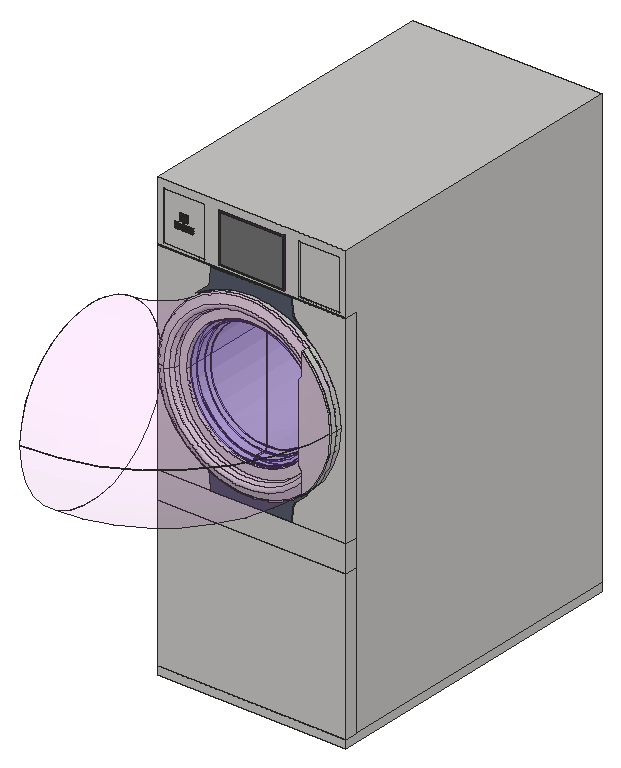
Revit family "TD6-16 Vapore", category Attrezzature speciali, Revit 2018
Family settings
  Quota connettore circolare = Usa diametro
  Tipo di parte = Normale
  Basato su piano di lavoro = No
  Sempre verticale = Sì
  Taglio con vuoti quando caricato = No
  Condiviso = No
  Punto di calcolo locali = No
Parameters
  Show Logo [instance] = yes
  Show Clearance [instance] = yes
  Manufacturer = ""
  Model = ""
  Description = ""
Reference planes
  plane 1: z = 0
  plane 2 "BACK": y = 652.5
  plane 3 "FRONT": y = -707.5
  plane 4 "LEFT": x = -799
  plane 5 "RIGHT": x = -84
  plane 6 "TOP": z = 1690
  plane 7: z = 544
  plane 8: y = 502.5
  plane 9 "Centro (Sinistra/Destra)": x = -441.5
  plane 10 "Center X": y = -102.5
Forms (mm)
  Extrusion 1, solid, material "QF_Finishes_Stainless Steel"
    sketch origin (718.1, -398.1, 598.796) x (0, 0, -1) y (0, 1, 0)
      loop
        line (568.796, 900.6) -> (-860.204, 900.6) -> (-860.204, -265.453) -> (568.796, -265.453) -> (568.796, 900.6)
    from -1517.1 to -802.1
  Sweep 2, solid, material "QF_Finishes_Black"
    path origin (647.309, -705.9, 1603.42) x (0, 0, -1) y (1, 0, 0)
      loop
        line (131.445, -962.809) -> (-57.647, -962.809) -> (-57.647, -1214.809) -> (131.445, -1214.809) -> (131.445, -962.809)
    profile origin (-315.5, -705.9, 1566.521) x (-1, 0, 0) y (0, -1, 0)
      loop
        line (5, 0) -> (5, 5)
        arc (5, 5) -> (1.464, 3.536) -> (0, 0) r 5
        line (0, 0) -> (5, 0)
  Extrusion 3, solid, material "QF_Finishes_Dark Grey"
    sketch origin (647.309, -705.9, 1603.42) x (0, 0, -1) y (1, 0, 0)
      loop
        line (126.445, -1209.809) -> (126.445, -967.809) -> (-52.647, -967.809) -> (-52.647, -1209.809) -> (126.445, -1209.809)
    from 0 to 4
  Extrusion 4, void
    sketch origin (889, -667.06, 1147.91) x (0, 0, -1) y (1, 0, 0)
      loop
        circle (69.994, -1331.5) r 245
    from -451.9 to 89.4
  Extrusion 5, solid, material "QF_Finishes_Stainless Steel"
    sketch origin (758.278, 502.5, 380.233) x (0, 0, 1) y (1, 0, 0)
      loop
        circle (1014.767, -897.278) r 15.184
    from 0 to 5.231
  Extrusion 6, solid, material "QF_Finishes_Stainless Steel"
    sketch origin (618.455, 502.5, 97.018) x (0, 0, 1) y (1, 0, 0)
      loop
        circle (67.982, -1277.455) r 15
    from 0 to 5
  Extrusion 7, solid, material "QF_Finishes_Stainless Steel"
    sketch origin (-499, 0, -81) x (0, 1, 0) y (0, 0, 1)
      loop
        line (502.5, 1540) -> (502.5, 1771) -> (-707.5, 1771) -> (-707.5, 1541.816)
        arc (-707.5, 1541.816) -> (-706.968, 1540.532) -> (-705.684, 1540) r 1.816
        line (-705.684, 1540) -> (502.5, 1540)
    from -300 to 415
  Extrusion 8, solid, material "QF_Finishes_Stainless Steel"
    sketch origin (0, 0, 1114.3) x (-1, 0, 0) y (0, -1, 0)
      loop
        line (799, -502.5) -> (799, 707.5) -> (84, 707.5) -> (84, -502.5) -> (799, -502.5)
    from -1114.3 to -1084.3
  Extrusion 9, solid, material "QF_Finishes_Stainless Steel"
    sketch origin (-499, -268.96, 0) x (0, 1, 0) y (0, 0, 1)
      loop
        line (-394.593, 1459) -> (-438.54, 1459) -> (-438.54, 693.302) -> (-394.593, 693.302) -> (-394.593, 1459)
    from -300 to 415
  Extrusion 10, solid, material "QF_Finishes_Stainless Steel"
    sketch origin (-499, -268.96, -20.198) x (0, 1, 0) y (0, 0, 1)
      loop
        line (-438.54, 713.5) -> (-438.54, 613.5) -> (-394.593, 613.5) -> (-394.593, 713.5) -> (-438.54, 713.5)
    from -300 to 415
  Extrusion 11, solid, material "QF_Finishes_Stainless Steel"
    sketch origin (-499, -268.96, 0) x (0, 1, 0) y (0, 0, 1)
      loop
        line (-394.593, 593.302) -> (-438.54, 593.302) -> (-438.54, 30) -> (-394.593, 30) -> (-394.593, 593.302)
    from -300 to 415
  Sweep 12, solid, material "QF_Finishes_Stainless Steel"
    path origin (-409, -707.5, 1396.139) x (0, 0, -1) y (1, 0, 0)
      loop
        circle (318.576, -33.5) r 337.5
    profile origin (-442.5, -707.5, 1415.062) x (0, 0, -1) y (0, -1, 0)
      loop
        line (0, 0) -> (60.401, 0)
        arc (60.401, 0) -> (59.825, 6.814) -> (57.535, 13.257) r 26.651
        line (57.535, 13.257) -> (49.537, 28.994)
        arc (49.537, 28.994) -> (42.511, 35.32) -> (33.058, 35.302) r 13.156
        line (33.058, 35.302) -> (4.309, 24.168)
        arc (4.309, 24.168) -> (1.18, 21.691) -> (0, 17.88) r 6.744
        line (0, 17.88) -> (0, 0)
  Revolve 13, solid, material "QF_Finishes_Glass"
    sketch origin (-444, -439.313, 506.582) x (0, 1, 0) y (0, 0, 1)
      loop
        arc (-190.673, 783.338) -> (-195.066, 793.945) -> (-205.673, 798.338) r 15
        line (-205.673, 798.338) -> (-244.95, 798.338)
        arc (-244.95, 798.338) -> (-252.021, 801.267) -> (-254.95, 808.338) r 10
        line (-254.95, 808.338) -> (-254.95, 816.338) -> (-259.95, 816.338) -> (-259.95, 808.338)
        arc (-259.95, 808.338) -> (-255.556, 797.732) -> (-244.95, 793.338) r 15
        line (-244.95, 793.338) -> (-205.673, 793.338)
        arc (-205.673, 793.338) -> (-198.602, 790.409) -> (-195.673, 783.338) r 10
        line (-195.673, 783.338) -> (-195.673, 570.975) -> (-190.673, 570.975) -> (-190.673, 783.338)
      axis (-259.95, 570.975) -> (-190.673, 570.975)
    angle from 0 to 360
  Extrusion 14, solid, material "QF_Finishes_Blue"
    sketch origin (-538.526, -707.5, 816.193) x (0, 0, 1) y (-1, 0, 0)
      loop
        arc (594.486, 60.933) -> (579.244, 65.533) -> (566.695, 75.331) r 43.3
        line (566.695, 75.331) -> (532.276, 114.098)
        arc (532.276, 114.098) -> (598.87, -96.026) -> (532.82, -306.322) r 366.295
        line (532.82, -306.322) -> (566.695, -268.167)
        arc (566.695, -268.167) -> (579.244, -258.37) -> (594.486, -253.77) r 43.3
        line (594.486, -253.77) -> (642.075, -248.6) -> (642.075, 55.764) -> (594.486, 60.933)
    from 0 to 1.6
  Extrusion 15, solid, material "QF_Finishes_Blue"
    sketch origin (-538.526, -707.5, 873.783) x (0, 0, 1) y (-1, 0, 0)
      loop
        line (-129.403, 60.926) -> (-176.925, 55.764) -> (-176.925, -248.6) -> (-129.403, -253.763)
        arc (-129.403, -253.763) -> (-114.123, -258.355) -> (-101.544, -268.169) r 43.3
        line (-101.544, -268.169) -> (-67.127, -306.934) -> (-59.705, -306.934)
        arc (-59.705, -306.934) -> (-133.72, -96.528) -> (-60.331, 114.098) r 337.5
        line (-60.331, 114.098) -> (-67.127, 114.098) -> (-101.544, 75.332)
        arc (-101.544, 75.332) -> (-114.123, 65.518) -> (-129.403, 60.926) r 43.3
    from 0 to 1.6
  Extrusion 16, solid, material "QF_Finishes_Stainless Steel"
    sketch origin (-344.419, -707.5, 1396.139) x (0, 0, -1) y (1, 0, 0)
      loop
        line (176.622, 119.08) -> (460.53, 119.08)
        arc (460.53, 119.08) -> (462.936, 119.45) -> (465.119, 120.527) r 8
        line (465.119, 120.527) -> (479.01, 130.253)
        arc (479.01, 130.253) -> (481.193, 131.33) -> (483.599, 131.7) r 8
        line (483.599, 131.7) -> (565.106, 132.416)
        arc (565.106, 132.416) -> (452.97, 211.506) -> (318.617, 239.419) r 337.5
        arc (318.617, 239.419) -> (184.232, 211.528) -> (72.064, 132.435) r 337.5
        line (72.064, 132.435) -> (153.554, 131.7)
        arc (153.554, 131.7) -> (155.934, 131.338) -> (158.099, 130.284) r 8
        line (158.099, 130.284) -> (172.033, 120.527)
        arc (172.033, 120.527) -> (174.216, 119.45) -> (176.622, 119.08) r 8
    from 44.672 to 48.96
  Extrusion 17, solid, material "QF_Finishes_Stainless Steel"
    sketch origin (-344.419, -756.46, 1396.139) x (0, 0, -1) y (1, 0, 0)
      loop
        line (72.064, 132.435) -> (85.942, 132.435)
        arc (85.942, 132.435) -> (192.574, 204.21) -> (318.616, 229.419) r 327.5
        arc (318.616, 229.419) -> (444.627, 204.189) -> (551.229, 132.416) r 327.5
        line (551.229, 132.416) -> (565.106, 132.416)
        arc (565.106, 132.416) -> (452.97, 211.506) -> (318.617, 239.419) r 337.5
        arc (318.617, 239.419) -> (184.232, 211.528) -> (72.064, 132.435) r 337.5
    from -4.287 to -26.937
  Extrusion 18, void
    sketch origin (-499, -707.5, 812.425) x (0, 0, -1) y (-1, 0, 0)
      loop
        line (-848.642, 277.283) -> (-848.642, 122.283) -> (-659.55, 122.283) -> (-659.55, 277.283) -> (-848.642, 277.283)
      loop
        line (-848.642, -392.283) -> (-659.55, -392.283) -> (-659.55, -237.283) -> (-848.642, -237.283) -> (-848.642, -392.283)
    from 0 to 1.6
  Revolve 19, solid, material "QF_Door-Drawer Clearances", visible <- "Show Clearance"
    sketch origin (-1732, -707.5, 1147.557) x (0, 0, -1) y (1, 0, 0)
      loop
        circle (69.994, 1289.5) r 337.5
      axis (69.994, 952) -> (68.994, 952)
    angle from 0 to -90
  Extrusion 20, solid, material "QF_Finishes_Stainless Steel"
    sketch origin (-499, -707.5, 812.425) x (0, 0, 1) y (-1, 0, 0)
      loop
        line (532.575, 150) -> (-167.425, 150) -> (-167.425, -265) -> (532.575, -265) -> (532.575, 150)
    from -1210 to -1360
  Extrusion 21, solid, material "QF_Finishes_Stainless Steel"
    sketch origin (453.278, 652.5, -319.767) x (0, 0, 1) y (1, 0, 0)
      loop
        circle (1014.767, -897.278) r 15.184
    from 0 to 5.231
  Extrusion 22, solid, material "QF_Finishes_Stainless Steel"
    sketch origin (453.278, 652.5, 285.233) x (0, 0, 1) y (1, 0, 0)
      loop
        circle (1014.767, -897.278) r 15.184
    from 0 to 5.231
Cuts and joins
  Extrusion 4, Extrusion 18 cuts Extrusion 1
  Extrusion 4, Extrusion 18 cuts Extrusion 7
  joined: Extrusion 1, Extrusion 7
  Extrusion 4 cuts Extrusion 9
Lines and regions (mm)
  symbolic lines
    curve 1: line (-84, 502.5, 1690) -> (-799, 502.5, 1690)
    curve 2: line (-799, -707.5, 1690) -> (-84, -707.5, 1690)
    curve 3: line (-84, 502.5, 0) -> (-84, -707.5, 0)
    curve 4: line (-799, 502.5, 0) -> (-799, -707.5, 0)
    curve 5: line (-649, 652.5, 0) -> (-649, 502.5, 0)
    curve 6: line (-234, 652.5, 0) -> (-649, 652.5, 0)
    curve 7: line (-234, 502.5, 0) -> (-234, 652.5, 0)
  symbolic lines, style "QF_Door-Drawer Clearances"
    curve 8: line (-780, -1382.19, 0) -> (-780, -707.5, 0)
    curve 9: arc (-780, -1382.19, 0) -> (-302.922, -1184.578, 0) -> (-105.31, -707.5, 0) r 674.69
Dimensions and locks
  plane 4 "LEFT" to plane 5 "RIGHT" = 715 mm  (x2)
  plane 2 "BACK" to plane 3 "FRONT" = 1360 mm  (x3)
  plane 6 "TOP" to level = 1690 mm
  plane 3 "FRONT" to plane 2 "BACK" = 1360 mm
  Extrusion 6 sketch curve to plane 4 "LEFT" = 140 mm
  Extrusion 8 to Extrusion 6 sketch curve = 165 mm
  Extrusion 15 to level = 740.062 mm
  plane 2 "BACK" to plane 8 = 150 mm
  aligned and locked: level to plane 1
  aligned and locked: Extrusion 1 to plane 4 "LEFT"
  aligned and locked: plane 5 "RIGHT" to Extrusion 1
  aligned and locked: plane 5 "RIGHT" to Extrusion 7
  aligned and locked: Extrusion 7 to plane 4 "LEFT"
  aligned and locked: plane 5 "RIGHT" to Extrusion 11
  aligned and locked: Extrusion 11 to plane 4 "LEFT"
  aligned and locked: Extrusion 10 to plane 4 "LEFT"
  aligned and locked: plane 5 "RIGHT" to Extrusion 10
  aligned and locked: Extrusion 9 to plane 4 "LEFT"
  aligned and locked: plane 5 "RIGHT" to Extrusion 9
  aligned and locked: Extrusion 16 to Extrusion 17
Nested families
  nested 1: "ELX_Logo_Professional" at (-698.783, -705.9, 1566.067) x (1, 0, 0) z (0, -1, 0), type "ELX_Logo_Professional"
Connectors
  piping at (-659, 507.5, 165), diameter 30
    settings: on Extrusion 6, index 3, connector inside diameter 609.6 mm, connector length 0 mm, flow factor 0, pipe flow 0.0 L/s, pressure drop 0.0 Pa, fitting loss kfactor 0, connector angle 0.00°, fixture units 0, engagement length 0 mm, angle of deflection 0.00°, flow configuration 1, flow direction 2, fitting loss method 0, system type 7, joint type 0, gender type 0, connector reference index -1, connector utility 0, adjustable connector no, is connector primary yes, connector description "Exhaust Connection"
  electrical at (-139, 507.731, 1395)
    settings: on Extrusion 5, index 4, voltage 0 V, apparent load 0 VA, apparent load phase1 0 VA, apparent load phase2 0 VA, apparent load phase3 0 VA, power factor 1, load classification "Other", number of poles 1, system type 30, power factor state 1, is connector primary yes, connector utility no, sub classification motor no, connector description "Electrical Connection"
  piping at (-444, 657.731, 1300), diameter 30.4
    settings: on Extrusion 22, index 5, connector inside diameter 609.6 mm, connector length 0 mm, flow factor 0, pipe flow 0.0 L/s, pressure drop 0.0 Pa, fitting loss kfactor 0, connector angle 0.00°, fixture units 0, engagement length 0 mm, angle of deflection 0.00°, flow configuration 0, flow direction 0, fitting loss method 0, system type 7, joint type 0, gender type 0, connector reference index -1, connector utility 0, adjustable connector no, is connector primary no, connector description "Steam connection"
  piping at (-444, 657.731, 695), diameter 30.4
    settings: on Extrusion 21, index 6, connector inside diameter 609.6 mm, connector length 0 mm, flow factor 0, pipe flow 0.0 L/s, pressure drop 0.0 Pa, fitting loss kfactor 0, connector angle 0.00°, fixture units 0, engagement length 0 mm, angle of deflection 0.00°, flow configuration 0, flow direction 0, fitting loss method 0, system type 7, joint type 0, gender type 0, connector reference index -1, connector utility 0, adjustable connector no, is connector primary no, connector description "Condensate connection"
Definition of nested family "ELX_Logo_Professional"
  Parameters (values of type "ELX_Logo_Professional")
    materiale = none
    Default Elevation = 0 mm
  Reference planes
    plane 1 "Centro (Fronte/Retro)": y = 0
    plane 2: z = 0
    plane 3 "Centro (Sinistra/Destra)": x = 0
  Forms (mm)
    Extrusion 1, solid
      sketch origin (0, 0, 0) x (1, 0, 0) y (0, 1, 0)
        loop
          line (-1219.2, 1219.2) -> (-1219.2, -1219.2) -> (1219.2, -1219.2) -> (1219.2, 1219.2) -> (-1219.2, 1219.2)
      from 0 to -304.8
    Extrusion 2, solid, material <- "materiale"
      sketch origin (-144.622, -1081.55, 0) x (-1, 0, 0) y (0, -1, 0)
        loop
          line (-130.265, -1113.361) -> (-130.265, -1084.645) -> (-158.979, -1084.645) -> (-158.979, -1113.361) -> (-130.265, -1113.361)
        loop
          arc (-146.24, -1106.937) -> (-147.076, -1109.166) -> (-147.324, -1111.534) r 9.395
          arc (-147.324, -1111.534) -> (-145.139, -1111.806) -> (-142.939, -1111.706) r 13.008
          line (-142.939, -1111.706) -> (-141.329, -1111.382) -> (-139.8, -1110.859) -> (-138.364, -1110.152) -> (-137.035, -1109.277) -> (-135.826, -1108.249) -> (-134.751, -1107.081) -> (-133.821, -1105.789) -> (-133.05, -1104.389) -> (-132.452, -1102.893) -> (-132.039, -1101.318) -> (-131.824, -1099.675) -> (-134.539, -1099.675) -> (-136.155, -1099.784) -> (-137.741, -1100.101) -> (-139.277, -1100.613) -> (-140.74, -1101.304) -> (-142.111, -1102.159) -> (-143.367, -1103.165) -> (-144.488, -1104.306) -> (-145.453, -1105.568) -> (-146.24, -1106.937)
        loop
          line (-148.67, -1086.844) -> (-150.173, -1087.464) -> (-151.57, -1088.253) -> (-152.847, -1089.196) -> (-153.992, -1090.281) -> (-154.994, -1091.494) -> (-155.841, -1092.821) -> (-156.519, -1094.25) -> (-157.018, -1095.766) -> (-157.324, -1097.357) -> (-157.427, -1099.009) -> (-157.315, -1100.685) -> (-156.998, -1102.296) -> (-156.488, -1103.827) -> (-155.799, -1105.265) -> (-154.946, -1106.596) -> (-153.94, -1107.806) -> (-152.796, -1108.882) -> (-151.528, -1109.81) -> (-150.148, -1110.576) -> (-148.67, -1111.167) -> (-148.67, -1086.844)
        loop
          arc (-147.323, -1086.473) -> (-147.041, -1088.83) -> (-146.239, -1091.065) r 10.532
          line (-146.239, -1091.065) -> (-145.452, -1092.432) -> (-144.488, -1093.693) -> (-143.367, -1094.833) -> (-142.111, -1095.838) -> (-140.741, -1096.693) -> (-139.278, -1097.383) -> (-137.743, -1097.894) -> (-136.157, -1098.211) -> (-134.541, -1098.32) -> (-131.822, -1098.32) -> (-131.976, -1096.81) -> (-132.312, -1095.353) -> (-132.818, -1093.961) -> (-133.481, -1092.644) -> (-134.291, -1091.416) -> (-135.235, -1090.288) -> (-136.302, -1089.272) -> (-137.48, -1088.379) -> (-138.757, -1087.622) -> (-140.121, -1087.012) -> (-141.56, -1086.561) -> (-143.063, -1086.281) -> (-144.633, -1086.183)
          arc (-144.633, -1086.183) -> (-145.985, -1086.264) -> (-147.323, -1086.473) r 14.39
        loop
          line (-111.329, -1069.559) -> (-111.329, -1071.073) -> (-116.048, -1071.073) -> (-116.048, -1072.896) -> (-111.328, -1072.896) -> (-111.328, -1075.549) -> (-116.349, -1075.549) -> (-116.349, -1077.368) -> (-109.396, -1077.368) -> (-109.396, -1073.46) -> (-109.396, -1069.659)
          arc (-109.396, -1069.659) -> (-110.425, -1067.175) -> (-112.909, -1066.146) r 3.513
          line (-112.909, -1066.146) -> (-116.483, -1066.146) -> (-116.483, -1067.963) -> (-112.925, -1067.963)
          arc (-112.925, -1067.963) -> (-111.797, -1068.431) -> (-111.329, -1069.559) r 1.596
        loop
          line (-119.79, -1077.358) -> (-117.856, -1077.358) -> (-117.856, -1072.053) -> (-117.856, -1066.132) -> (-119.79, -1066.132) -> (-119.79, -1072.092) -> (-119.79, -1077.358)
        loop
          line (-122.986, -1069.718) -> (-129.327, -1069.718)
          arc (-129.327, -1069.718) -> (-129.219, -1071.449) -> (-128.497, -1073.026) r 4.757
          arc (-128.497, -1073.026) -> (-125.237, -1074.5) -> (-121.978, -1073.026) r 4.34
          arc (-121.978, -1073.026) -> (-121.072, -1070.207) -> (-121.978, -1067.388) r 4.838
          arc (-121.978, -1067.388) -> (-125.393, -1065.933) -> (-128.809, -1067.388) r 4.737
          line (-128.809, -1067.388) -> (-127.645, -1068.52)
          arc (-127.645, -1068.52) -> (-125.509, -1067.576) -> (-123.374, -1068.52) r 2.888
          arc (-123.374, -1068.52) -> (-123.05, -1069.077) -> (-122.986, -1069.718) r 1.527
        loop
          arc (-127.386, -1071.076) -> (-126.67, -1072.331) -> (-125.331, -1072.872) r 2.201
          arc (-125.331, -1072.872) -> (-123.848, -1072.402) -> (-123.033, -1071.076) r 2.23
          line (-123.033, -1071.076) -> (-127.386, -1071.076)
        loop
          line (-136.862, -1071.886) -> (-138.059, -1073.132)
          arc (-138.059, -1073.132) -> (-130.327, -1070.219) -> (-138.059, -1067.306) r 4.415
          line (-138.059, -1067.306) -> (-136.862, -1068.553)
          arc (-136.862, -1068.553) -> (-132.252, -1070.22) -> (-136.862, -1071.886) r 2.606
        loop
          line (-141.192, -1069.673) -> (-141.192, -1072.494) -> (-142.951, -1072.494) -> (-142.951, -1074.25) -> (-141.195, -1074.25) -> (-141.195, -1077.358) -> (-139.262, -1077.358) -> (-139.262, -1073.332) -> (-139.262, -1069.514)
          arc (-139.262, -1069.514) -> (-140.299, -1066.92) -> (-142.98, -1066.132) r 3.196
          line (-142.98, -1066.132) -> (-142.987, -1067.949)
          arc (-142.987, -1067.949) -> (-141.652, -1068.356) -> (-141.192, -1069.673) r 1.542
        loop
          line (-146.494, -1073.042) -> (-146.494, -1074.25) -> (-144.576, -1074.25) -> (-144.576, -1070.271) -> (-144.576, -1066.132) -> (-146.494, -1066.132) -> (-146.494, -1070.401)
          arc (-146.494, -1070.401) -> (-147.446, -1072.228) -> (-149.489, -1072.494) r 2.229
          line (-149.489, -1072.494) -> (-149.489, -1074.362)
          arc (-149.489, -1074.362) -> (-147.761, -1074.226) -> (-146.494, -1073.042) r 2.627
        loop
          line (-159.833, -1072.246) -> (-159.833, -1066.131) -> (-161.767, -1066.131) -> (-161.767, -1072.17) -> (-161.767, -1077.359) -> (-159.833, -1077.359) -> (-159.833, -1072.246)
        loop
          line (-165.194, -1069.514) -> (-165.194, -1074.25) -> (-163.245, -1074.25) -> (-163.245, -1071.898) -> (-163.245, -1069.098)
          arc (-163.245, -1069.098) -> (-166.96, -1065.769) -> (-170.687, -1069.085) r 3.745
          line (-170.687, -1069.085) -> (-170.687, -1071.898) -> (-170.687, -1074.25) -> (-168.739, -1074.25) -> (-168.739, -1069.514)
          arc (-168.739, -1069.514) -> (-166.967, -1067.742) -> (-165.194, -1069.514) r 1.772
        loop
          line (-174.654, -1070.416) -> (-172.975, -1068.078) -> (-171.578, -1066.131) -> (-173.656, -1066.131) -> (-175.717, -1068.999) -> (-177.779, -1066.131) -> (-179.857, -1066.131) -> (-178, -1068.728) -> (-176.781, -1070.433) -> (-178.29, -1072.488) -> (-179.583, -1074.25) -> (-177.473, -1074.25) -> (-175.717, -1071.818) -> (-173.945, -1074.25) -> (-171.852, -1074.25) -> (-173.052, -1072.608) -> (-174.654, -1070.416)
        loop
          circle (-154.223, -1070.188) r 2.508
        loop
          circle (-154.223, -1070.188) r 4.42
        loop
          line (-110.224, -1058.542) -> (-111.194, -1058.542)
          arc (-111.194, -1058.542) -> (-112.217, -1059.95) -> (-110.924, -1061.114) r 1.3
          line (-110.924, -1061.114) -> (-109.424, -1061.114) -> (-109.424, -1057.223) -> (-110.224, -1057.223) -> (-110.224, -1058.542)
        loop
          line (-110.224, -1060.379) -> (-110.224, -1059.293) -> (-111.03, -1059.293)
          arc (-111.03, -1059.293) -> (-111.43, -1059.836) -> (-111.03, -1060.379) r 0.569
          line (-111.03, -1060.379) -> (-110.224, -1060.379)
        loop
          line (-116.302, -1058.564) -> (-117.128, -1058.564) -> (-117.934, -1057.223) -> (-118.841, -1057.223) -> (-117.833, -1058.884)
          arc (-117.833, -1058.884) -> (-118.214, -1060.282) -> (-117.028, -1061.114) r 1.26
          line (-117.028, -1061.114) -> (-115.503, -1061.114) -> (-115.503, -1057.223) -> (-116.302, -1057.223) -> (-116.302, -1058.564)
        loop
          line (-116.302, -1060.379) -> (-116.302, -1059.293) -> (-117.109, -1059.293)
          arc (-117.109, -1059.293) -> (-117.508, -1059.836) -> (-117.109, -1060.379) r 0.569
          line (-117.109, -1060.379) -> (-116.302, -1060.379)
        loop
          line (-128.923, -1057.223) -> (-129.723, -1057.223) -> (-129.723, -1058.714) -> (-131.187, -1058.714) -> (-131.187, -1059.514) -> (-129.723, -1059.514) -> (-129.723, -1060.314) -> (-131.327, -1060.314) -> (-131.327, -1061.114) -> (-128.923, -1061.114) -> (-128.923, -1057.223)
        loop
          arc (-134.628, -1058.469) -> (-134.992, -1057.588) -> (-135.874, -1057.223) r 1.246
          line (-135.874, -1057.223) -> (-137.13, -1057.223) -> (-137.13, -1058.023) -> (-135.969, -1058.023)
          arc (-135.969, -1058.023) -> (-135.53, -1058.237) -> (-135.427, -1058.714) r 0.558
          line (-135.427, -1058.714) -> (-136.984, -1058.714) -> (-136.984, -1059.514) -> (-135.427, -1059.514) -> (-135.427, -1060.314) -> (-137.092, -1060.314) -> (-137.092, -1061.114) -> (-134.628, -1061.114) -> (-134.628, -1058.469)
        loop
          line (-152.3, -1057.223) -> (-153.1, -1057.223) -> (-153.1, -1061.114) -> (-152.3, -1061.114) -> (-152.3, -1057.223)
        loop
          line (-164.67, -1057.223) -> (-164.67, -1059.67) -> (-166.45, -1057.223) -> (-167.25, -1057.223) -> (-167.25, -1061.114) -> (-166.42, -1061.114) -> (-166.42, -1058.594) -> (-164.64, -1061.114) -> (-163.84, -1061.114) -> (-163.84, -1057.223) -> (-164.67, -1057.223)
        loop
          line (-170.403, -1057.223) -> (-171.262, -1057.223) -> (-171.641, -1058.063) -> (-173.08, -1058.063) -> (-173.459, -1057.223) -> (-174.317, -1057.223) -> (-172.796, -1061.113) -> (-171.996, -1061.113) -> (-170.403, -1057.223)
        loop
          line (-177.493, -1057.223) -> (-179.789, -1057.223) -> (-179.789, -1058.023) -> (-178.293, -1058.023) -> (-178.293, -1061.114) -> (-177.493, -1061.114) -> (-177.493, -1057.223)
        loop
          line (-172.362, -1059.848) -> (-171.945, -1058.83) -> (-172.76, -1058.83) -> (-172.362, -1059.848)
        loop
          circle (-158.484, -1059.145) r 1.288
        loop
          circle (-158.484, -1059.145) r 2.065
        loop
          arc (-146.04, -1058.095) -> (-146.933, -1057.275) -> (-148.145, -1057.245) r 1.725
          arc (-148.145, -1057.245) -> (-148.965, -1058.02) -> (-148.68, -1059.111) r 1.107
          arc (-148.68, -1059.111) -> (-148.103, -1059.465) -> (-147.486, -1059.746) r 5.523
          arc (-147.486, -1059.746) -> (-147.147, -1060.262) -> (-147.708, -1060.52) r 0.407
          arc (-147.708, -1060.52) -> (-148.045, -1060.315) -> (-148.325, -1060.038) r 1.702
          line (-148.325, -1060.038) -> (-149.011, -1060.45)
          arc (-149.011, -1060.45) -> (-148.578, -1060.911) -> (-148.043, -1061.247) r 2.463
          arc (-148.043, -1061.247) -> (-146.373, -1060.466) -> (-147.42, -1058.949) r 1.207
          spline (-147.42, -1058.949) -> (-147.716, -1058.809) -> (-147.932, -1058.678) -> (-148.077, -1058.557) -> (-148.163, -1058.446) -> (-148.198, -1058.347) -> (-148.192, -1058.258) -> (-148.157, -1058.182) -> (-148.102, -1058.118) -> (-148.037, -1058.068) -> (-147.972, -1058.031) -> (-147.917, -1058.008) -> (-147.883, -1058)
          arc (-147.883, -1058) -> (-147.238, -1058.014) -> (-146.759, -1058.446) r 0.925
          line (-146.759, -1058.446) -> (-146.04, -1058.095)
        loop
          arc (-140.18, -1058.095) -> (-141.073, -1057.275) -> (-142.285, -1057.245) r 1.725
          arc (-142.285, -1057.245) -> (-143.106, -1058.02) -> (-142.821, -1059.111) r 1.107
          arc (-142.821, -1059.111) -> (-142.243, -1059.465) -> (-141.627, -1059.746) r 5.523
          arc (-141.627, -1059.746) -> (-141.287, -1060.262) -> (-141.849, -1060.52) r 0.407
          arc (-141.849, -1060.52) -> (-142.185, -1060.315) -> (-142.466, -1060.038) r 1.702
          line (-142.466, -1060.038) -> (-143.151, -1060.45)
          arc (-143.151, -1060.45) -> (-142.719, -1060.911) -> (-142.183, -1061.247) r 2.463
          arc (-142.183, -1061.247) -> (-140.513, -1060.466) -> (-141.56, -1058.949) r 1.207
          spline (-141.56, -1058.949) -> (-141.856, -1058.809) -> (-142.072, -1058.678) -> (-142.218, -1058.557) -> (-142.303, -1058.446) -> (-142.338, -1058.347) -> (-142.333, -1058.258) -> (-142.298, -1058.182) -> (-142.242, -1058.118) -> (-142.177, -1058.068) -> (-142.112, -1058.031) -> (-142.057, -1058.008) -> (-142.023, -1058)
          arc (-142.023, -1058) -> (-141.378, -1058.014) -> (-140.9, -1058.446) r 0.925
          line (-140.9, -1058.446) -> (-140.18, -1058.095)
        loop
          circle (-123.484, -1059.145) r 1.288
        loop
          circle (-123.484, -1059.145) r 2.065
      from 0 to 1.6
  Dimensions and locks
    aligned and locked: plane 2 to Extrusion 1
    aligned and locked: level to Extrusion 1
